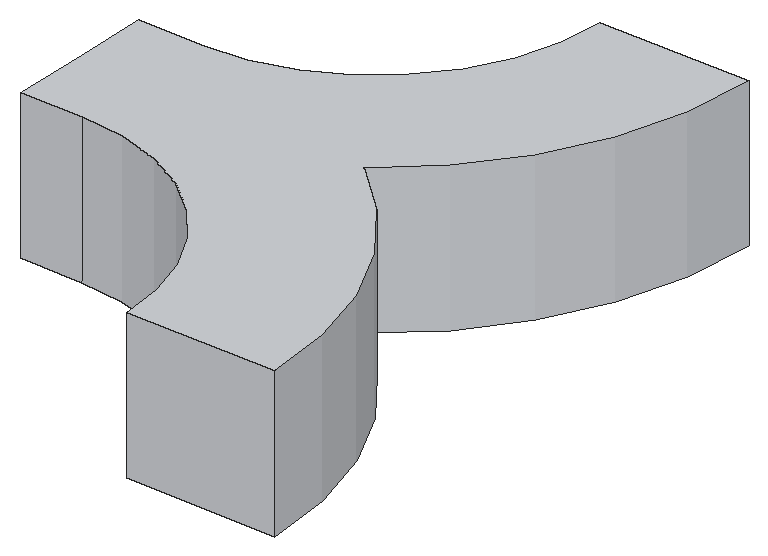
Revit family "M_Rectangular Wye - Dovetail", category Duct Fittings, Revit 2014
Parameters (values of type "Standard")
  Radius 2 [instance] = Duct Width 3 * 2  # 600 mm
  Radius 1 [instance] = Duct Width 2 * 2  # 600 mm
  Duct Width 3 [instance] = 300 mm
  Duct Width 2 [instance] = 300 mm
  Duct Width 1 [instance] = 300 mm
  Duct Length 6 [instance] = if(Duct Length 1 > Duct Length 2, 3048 mm - Duct Length 2, 3048 mm - Duct Length 1) + 3.175 mm  # 2451.175 mm
  Duct Length 5 [instance] = sqrt(abs((Radius 2 - Duct Width 3 / 2) ^ 2 - (Radius 2 - Duct Width 1 / 2) ^ 2))  # 0 mm
  Duct Length 4 [instance] = sqrt(abs((Radius 1 - Duct Width 2 / 2) ^ 2 - (Radius 1 - Duct Width 1 / 2) ^ 2))  # 0 mm
  Duct Length 3 [instance] = if(Duct Length 1 > Duct Length 2, Duct Length 1 + 125 mm, Duct Length 2 + 125 mm)  # 725 mm
  Duct Length 2 [instance] = Radius 2 * tan(Angle 3 / 2)  # 600 mm
  Duct Length 1 [instance] = Radius 1 * tan(Angle 2 / 2)  # 600 mm
  Duct Height [instance] = 300 mm
  Angle 3 [instance] = 90.00°
  Angle 2 [instance] = 90.00°
Reference planes
  plane 1 "Center (Front/Back)": y = 0
  plane 2: z = 0
  plane 3 "Center (Left/Right)": x = 0
  plane 4: x = -600
  plane 5: y = 600
  plane 6: x = -600
  plane 7: y = -600
  plane 8: x = -725
  plane 9: x = -600
  plane 10: x = -600
  plane 11: y = 150
  plane 12: y = -150
  plane 13: z = 150
  plane 14: z = -150
  plane 15: y = 152.4
  plane 16: y = -152.4
  plane 17: z = 152.4
  plane 18: z = -152.4
  plane 19: y = 152.4
  plane 20: y = -152.4
  plane 21: z = 152.4
  plane 22: z = -152.4
  plane 23: x = -3048
  plane 24: x = -596.825
Forms (mm)
  Extrusion 1, solid, detail levels medium+fine
    sketch origin (0, 0, 0) x (1, 0, 0) y (0, 1, 0)
      loop
        line (-725, 150) -> (-725, 0) -> (-600, 0) -> (-600, 150) -> (-725, 150)
    from -150 to 150
  Extrusion 2, solid, detail levels medium+fine
    sketch origin (0, 0, 0) x (1, 0, 0) y (0, 1, 0)
      loop
        line (-725, 150) -> (-725, 0) -> (-600, 0) -> (-600, 150) -> (-725, 150)
    from -150 to 150
  Extrusion 3, solid, detail levels medium+fine
    sketch origin (0, 0, 0) x (1, 0, 0) y (0, 1, 0)
      loop
        line (-725, 0) -> (-725, -150) -> (-600, -150) -> (-600, 0) -> (-725, 0)
    from -150 to 150
  Extrusion 4, solid, detail levels medium+fine
    sketch origin (0, 0, 0) x (1, 0, 0) y (0, 1, 0)
      loop
        line (-725, 0) -> (-725, -150) -> (-600, -150) -> (-600, 0) -> (-725, 0)
    from -150 to 150
  Sweep 5, solid, detail levels medium+fine
    path in 3D
      loop
        arc (-600, 0, 0) -> (-175.736, 175.736, 0) -> (0, 600, 0) r 600
    profile "M_Rectangular Duct Profile : Duct - Rectangular 2" origin (-175.736, 175.736, 0) x (-0.707107, 0.707107, 0) y (0, 0, 1)
      loop
        line (-150, 150) -> (-150, -150) -> (150, -150) -> (150, 150) -> (-150, 150)
  Sweep 6, solid, detail levels medium+fine
    path in 3D
      loop
        arc (-600, 0, 0) -> (-175.736, 175.736, 0) -> (0, 600, 0) r 600
    profile "M_Rectangular Duct Profile : Duct - Rectangular 2" origin (-175.736, 175.736, 0) x (-0.707107, 0.707107, 0) y (0, 0, 1)
      loop
        line (-150, 150) -> (-150, -150) -> (150, -150) -> (150, 150) -> (-150, 150)
  Sweep 7, solid, detail levels medium+fine
    path in 3D
      loop
        arc (-600, 0, 0) -> (-175.736, -175.736, 0) -> (0, -600, 0) r 600
    profile "M_Rectangular Duct Profile : Duct - Rectangular 3" origin (-175.736, -175.736, 0) x (0.707107, 0.707107, 0) y (0, 0, 1)
      loop
        line (-150, 150) -> (-150, -150) -> (150, -150) -> (150, 150) -> (-150, 150)
Cuts and joins
  joined: Extrusion 1, Extrusion 2, Extrusion 3, Extrusion 4, Sweep 5, Sweep 6, Sweep 7
Lines and regions (mm)
  reference lines
    curve 1: arc (-600, 0, 0) -> (-175.736, 175.736, 0) -> (0, 600, 0) r 600
    curve 3: arc (-600, 0, 0) -> (-175.736, -175.736, 0) -> (0, -600, 0) r 600
  sketch lines
    curve 2: arc (-600, 0, 0) -> (-175.736, 175.736, 0) -> (0, 600, 0) r 600
    curve 4: arc (-600, 0, 0) -> (-175.736, 175.736, 0) -> (0, 600, 0) r 600
    curve 5: arc (-600, 0, 0) -> (-175.736, -175.736, 0) -> (0, -600, 0) r 600
  model lines, detail levels coarse
    curve 6: arc (-600, 0, 0) -> (-175.736, 175.736, 0) -> (0, 600, 0) r 600
    curve 7: arc (-600, 0, 0) -> (-175.736, -175.736, 0) -> (0, -600, 0) r 600
    curve 8: line (-725, 0, 0) -> (-596.825, 0, 0)
Dimensions and locks
  "Radius 1": plane 1 "Center (Front/Back)" to plane 5
  "Duct Length 1": plane 4 to plane 3 "Center (Left/Right)"
  "Radius 2": plane 1 "Center (Front/Back)" to plane 7
  "Duct Length 2": plane 6 to plane 3 "Center (Left/Right)"
  "Duct Length 3": plane 8 to plane 3 "Center (Left/Right)"
  "Duct Length 4": plane 4 to plane 9
  "Duct Length 5": plane 6 to plane 10
  equal spacing: plane 11, plane 1 "Center (Front/Back)", plane 12
  "Duct Width 1": plane 11 to plane 12
  equal spacing: plane 13, plane 2, plane 14
  "Duct Height": plane 13 to plane 14
  equal spacing: plane 15, plane 1 "Center (Front/Back)", plane 16
  equal spacing: plane 17, plane 2, plane 18
  equal spacing: plane 19, plane 1 "Center (Front/Back)", plane 20
  equal spacing: plane 21, plane 2, plane 22
  locked: plane 23 to plane 3 "Center (Left/Right)" at 3048
  "Duct Length 6": plane 23 to plane 24
  "Radius 1": radius of curve 1
  "Radius 2": radius of curve 3
  "Radius 1": radius of curve 6
  "Radius 2": radius of curve 7
  "Angle 2": angle curve 1 to curve 1
  "Angle 3": angle curve 3 to curve 3
  "Angle 2": angle curve 6 to curve 6
  "Angle 3": angle curve 7 to curve 7
  aligned and locked: Extrusion 1 sketch curve to plane 9
  aligned and locked: Extrusion 1 sketch curve to plane 11
  aligned and locked: plane 8 to Extrusion 1 sketch curve
  aligned and locked: Extrusion 1 sketch curve to plane 1 "Center (Front/Back)"
  aligned and locked: Extrusion 2 sketch curve to plane 11
  aligned and locked: plane 8 to Extrusion 2 sketch curve
  aligned and locked: Extrusion 2 sketch curve to plane 1 "Center (Front/Back)"
  aligned and locked: Extrusion 2 sketch curve to plane 6
  aligned and locked: Extrusion 2 to plane 14
  aligned and locked: plane 13 to Extrusion 2
  aligned and locked: Extrusion 1 to plane 14
  aligned and locked: plane 13 to Extrusion 1
  aligned and locked: Extrusion 3 sketch curve to plane 4
  aligned and locked: plane 1 "Center (Front/Back)" to Extrusion 3 sketch curve
  aligned and locked: plane 8 to Extrusion 3 sketch curve
  aligned and locked: plane 12 to Extrusion 3 sketch curve
  aligned and locked: Extrusion 4 sketch curve to plane 10
  aligned and locked: plane 1 "Center (Front/Back)" to Extrusion 4 sketch curve
  aligned and locked: plane 8 to Extrusion 4 sketch curve
  aligned and locked: plane 12 to Extrusion 4 sketch curve
  aligned and locked: Extrusion 4 to plane 14
  aligned and locked: plane 13 to Extrusion 4
  aligned and locked: Extrusion 3 to plane 14
  aligned and locked: plane 13 to Extrusion 3
  aligned and locked: plane 5 to curve 1
  aligned and locked: plane 4 to curve 1
  aligned and locked: plane 6 to curve 3  (x2)
  aligned and locked: plane 7 to curve 3
  aligned and locked: plane 4 to curve 6  (x2)
  aligned and locked: plane 6 to curve 7  (x2)
  aligned and locked: plane 7 to curve 7
  aligned and locked: plane 24 to curve 8
  aligned and locked: plane 8 to curve 8
  aligned and locked: plane 1 "Center (Front/Back)" to curve 8
Automatic sketch dimensions
  plane 1 "Center (Front/Back)" to curve 6 = 0 mm
Connectors
  hvac at (-725, 0, 0), driven by "Duct Height", driven by "Duct Width 1"
    settings: on cut or joined group of Extrusion 1, Extrusion 2, Extrusion 3, Extrusion 4, Sweep 5, Sweep 6, Sweep 7, index 1, duct flow 0.0 L/s, flow factor 0, pres drop 0.0 Pa, loss coef 0, conn angle 0.00°, conn width 300 mm, conn height 300 mm, conn diameter 609.6 mm, duct sys type 28, conn prof type 1, flow config 0, flow direction 0, loss method 0, conn ref index -1, conn util no, is conn primary yes, conn desc ""
  hvac at (0, 600, 0), driven by "Angle 2", driven by "Duct Height", driven by "Duct Width 2"
    settings: on cut or joined group of Extrusion 1, Extrusion 2, Extrusion 3, Extrusion 4, Sweep 5, Sweep 6, Sweep 7, index 2, duct flow 0.0 L/s, flow factor 0, pres drop 0.0 Pa, loss coef 0, conn angle 90.00°, conn width 300 mm, conn height 300 mm, conn diameter 609.6 mm, duct sys type 28, conn prof type 1, flow config 0, flow direction 0, loss method 0, conn ref index -1, conn util no, is conn primary no, conn desc ""
  hvac at (0, -600, 0), driven by "Angle 3", driven by "Duct Height", driven by "Duct Width 3"
    settings: on cut or joined group of Extrusion 1, Extrusion 2, Extrusion 3, Extrusion 4, Sweep 5, Sweep 6, Sweep 7, index 3, duct flow 0.0 L/s, flow factor 0, pres drop 0.0 Pa, loss coef 0, conn angle 90.00°, conn width 300 mm, conn height 300 mm, conn diameter 609.6 mm, duct sys type 28, conn prof type 1, flow config 0, flow direction 0, loss method 0, conn ref index -1, conn util no, is conn primary no, conn desc ""
